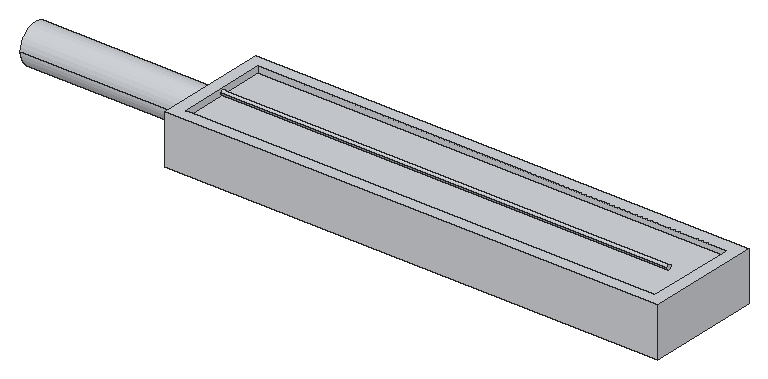
Revit family "M_Manômetro de temperatura", category Acessórios do tubo, Revit 2019
Family settings
  Cota do conector redondo = Usar raio
  Tipo de parte = Sensor
  Número OmniClass = 23.60.10.11
  Título OmniClass = Temperature Measuring Instruments
  ID de item do Seek = Temperature Gauge-0000-CAN-ENU
  Com base no plano de trabalho = Não
  Sempre na vertical = Sim
  Corte com vazios quando carregada = Não
  Compartilhado = Não
Parameters (values of type "Tronco de 89 mm - 20 mm")
  Espessura 2 = Espessura / 24  # 1.083 mm
  Espessura 1 = Espessura / 4 + Espessura / 8  # 9.75 mm
  Método de perda = Não definido
  Comprimento 2 = 2 * Comprimento 1  # 12 mm
  Comprimento = 60 mm
  Espessura = 26 mm
  Comprimento do tronco = 89 mm
  Raio nominal = 10 mm
  Diâmetro nominal = Raio nominal * 2  # 20 mm
  Comprimento 1 = 0.1 * Comprimento  # 6 mm
  Altura 2 = Altura - Comprimento do tronco  # 353 mm
  Altura 1 = Altura 2 - 260.35 mm  # 92.65 mm
  Altura = 442 mm
  Material do manômetro = none
Types (3, lengths in mm): name | Comprimento do tronco | Altura 2 | Altura 1 | Altura
  (no name) | 89 | 353 | 92.65 | 442
  Tronco de 89 mm - 20 mm | 89 | 353 | 92.65 | 442
  Tronco de 152 mm - 20 mm | 152 | 357 | 96.65 | 509
Reference planes
  plane 1 "Centro (Frente/Trás)": y = 0
  plane 2: z = 0
  plane 3 "Centro (Esquerda/Direita)": x = 0
  plane 4: x = 92.65
  plane 5: x = 353
  plane 6: z = 13
  plane 7: z = -13
  plane 8: z = 6.5
  plane 9: z = -6.5
  plane 10: z = 9.75
  plane 11: y = 30
  plane 12: y = -30
  plane 13: y = 24
  plane 14: x = 347
  plane 15: x = 98.65
  plane 16: y = -24
  plane 17: z = 11.375
  plane 18: x = 335
Forms (mm)
  Sweep 1, solid, material <- "Material do manômetro", detail levels fine
    path in 3D
      loop
        line (0, 0, 0) -> (92.65, 0, 0)
    profile origin (46.325, 0, 0) x (0, 1, 0) y (0, 0, 1)
      loop
        circle (0, 0) r 10
  Extrusion 2, solid, material <- "Material do manômetro", detail levels fine
    sketch origin (0, 0, 0) x (1, 0, 0) y (0, 1, 0)
      loop
        line (92.65, 30) -> (92.65, -30) -> (353, -30) -> (353, 30) -> (92.65, 30)
    from -13 to 9.75
  Extrusion 3, solid, material <- "Material do manômetro", detail levels fine
    sketch origin (0, 0, 0) x (1, 0, 0) y (0, 1, 0)
      loop
        line (98.65, 24) -> (98.65, -24) -> (347, -24) -> (347, 24) -> (98.65, 24)
      loop
        line (92.65, 30) -> (92.65, -30) -> (353, -30) -> (353, 30) -> (92.65, 30)
    from 9.75 to 13
  Extrusion 4, solid, material <- "Material do manômetro", detail levels fine
    sketch origin (0, 0, 0) x (0, 1, 0) y (0, 0, 1)
      loop
        circle (0, 11.375) r 1.083
    from 98.65 to 335
Cuts and joins
  joined: Sweep 1, Extrusion 2, Extrusion 3, Extrusion 4
Lines and regions (mm)
  model lines, detail levels coarse+medium
    curve 1: line (0, 0, 0) -> (92.65, 0, 0)
    curve 3: line (92.65, 30, 0) -> (353, 30, 0)
    curve 4: line (92.65, -30, 0) -> (92.65, 30, 0)
    curve 5: line (353, -30, 0) -> (92.65, -30, 0)
    curve 6: line (353, 30, 0) -> (353, -30, 0)
  sketch lines
    curve 2: line (0, 0, 0) -> (92.65, 0, 0)
Dimensions and locks
  "Altura 1": plane 3 "Centro (Esquerda/Direita)" to plane 4
  "Altura 2": plane 3 "Centro (Esquerda/Direita)" to plane 5
  equal spacing: plane 6, plane 2, plane 7
  "Espessura": plane 6 to plane 7
  equal spacing: plane 6, plane 8, plane 2
  equal spacing: plane 2, plane 9, plane 7
  equal spacing: plane 6, plane 10, plane 8
  "Comprimento": plane 11 to plane 12
  equal spacing: plane 11, plane 1 "Centro (Frente/Trás)", plane 12
  "Comprimento 1": plane 11 to plane 13
  "Comprimento 1": plane 14 to plane 5
  "Comprimento 1": plane 4 to plane 15
  "Comprimento 1": plane 16 to plane 12
  equal spacing: plane 6, plane 17, plane 10
  "Comprimento 2": plane 18 to plane 14
  "Raio nominal": radius of Sweep 1 sketch curve
  "Espessura 2": radius of Extrusion 4 sketch curve
  aligned and locked: plane 3 "Centro (Esquerda/Direita)" to curve 1
  aligned and locked: plane 4 to curve 1
  aligned and locked: plane 1 "Centro (Frente/Trás)" to curve 1
  aligned and locked: Extrusion 2 sketch curve to plane 11
  aligned and locked: plane 4 to Extrusion 2 sketch curve
  aligned and locked: plane 12 to Extrusion 2 sketch curve
  aligned and locked: Extrusion 2 sketch curve to plane 5
  aligned and locked: Extrusion 2 to plane 7
  aligned and locked: plane 10 to Extrusion 2
  aligned and locked: plane 4 to Extrusion 3 sketch curve
  aligned and locked: Extrusion 3 sketch curve to plane 11
  aligned and locked: Extrusion 3 sketch curve to plane 5
  aligned and locked: plane 12 to Extrusion 3 sketch curve
  aligned and locked: plane 15 to Extrusion 3 sketch curve
  aligned and locked: Extrusion 3 sketch curve to plane 13
  aligned and locked: Extrusion 3 sketch curve to plane 14
  aligned and locked: plane 16 to Extrusion 3 sketch curve
  aligned and locked: Extrusion 3 to plane 10
  aligned and locked: plane 6 to Extrusion 3
  aligned and locked: plane 4 to curve 4
  aligned and locked: curve 3 to plane 11
  aligned and locked: curve 6 to plane 5
  aligned and locked: plane 12 to curve 5
  aligned and locked: plane 1 "Centro (Frente/Trás)" to Extrusion 4 sketch curve
  aligned and locked: plane 17 to Extrusion 4 sketch curve
  aligned and locked: Extrusion 4 to plane 15
  aligned and locked: plane 18 to Extrusion 4
Automatic sketch dimensions
  Sweep 1 sketch curve to profile plane = 0 mm  (x2)
Connectors
  piping at (0, 0, 0), diameter 20, driven by "Raio nominal"
    settings: on cut or joined group of Sweep 1, Extrusion 2, Extrusion 3, Extrusion 4, index 1, connector inside diameter 20 mm, connector length 0 mm, flow factor 0, pipe flow 0.0 L/s, pressure drop 0.0 Pa, fitting loss kfactor 0, connector angle 0.00°, fixture units 0, engagement length 0 mm, angle of deflection 0.00°, flow configuration 0, flow direction 0, fitting loss method 0, system type 28, joint type 0, gender type 0, connector reference index -1, connector utility 0, adjustable connector no, is connector primary yes, connector description ""
